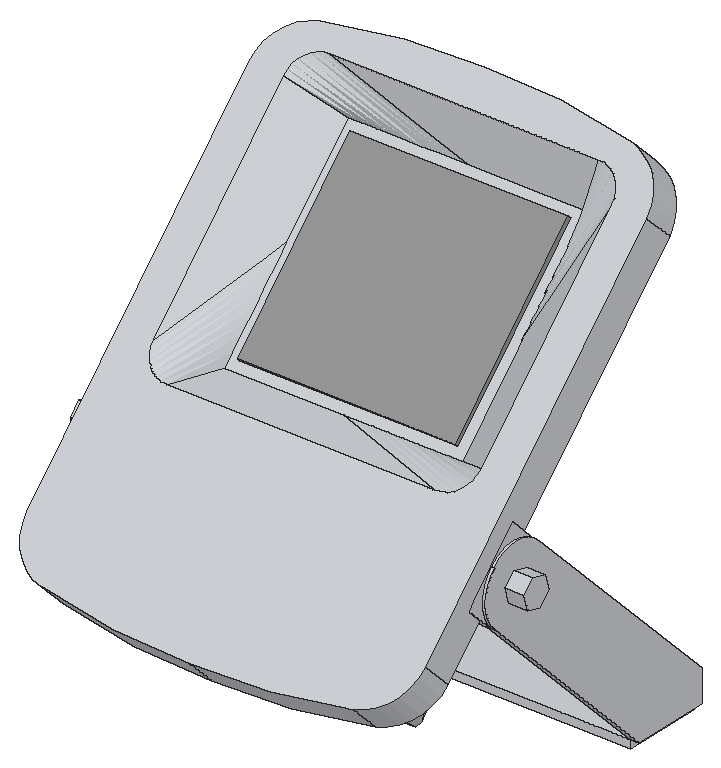
Revit family "0056710", category Generic Models, host Face, Revit 2018
Family settings
  Host = Face
  Can host rebar = No
  Round Connector Dimension = Use Diameter
  Part Type = Normal
  OmniClass Number = 23.80.70.00
  OmniClass Title = Lighting
  Cut with Voids When Loaded = No
  Shared = No
  Room Calculation Point = No
Parameters (values of type "Type Name")
  bracket length = 203 mm
  Width = 40 mm
  URL = "http://www.sylvania-lighting.com"
  Type Image = <None>
  Type Comments = "n/a"
  Material_3_SYL = none
  Model = ""
  Manufacturer = "Feilo Sylvania"
  Length = 231 mm
  Keynote = ""
  Material_2_SYL = none
  Description = ""
  Default Elevation = 1219.2 mm
  Cost = 0
  Material_1_SYL = none
  Assembly Code = ""
  Material_4_SYL = none
Reference planes
  plane 1 "Center (Front/Back)": y = 0
  plane 2: z = 0
  plane 3 "Center (Left/Right)": x = 0
  plane 4: y = 20
  plane 5: y = -20
  plane 6: x = -115.5
  plane 7: x = 115.5
  plane 8: y = 46
  plane 9: z = 200
  plane 10: through (0, -20, 4) normal (0, 0.7071, 0.7071)
  plane 11: through (0, 28.284, 12.284) normal (0, 0.7071, 0.7071)
  plane 12: z = 180
  plane 13: through (0, 7.834, 4.45) normal (0, 0.7071, 0.7071)
  plane 14: through (0, -70.356, 137.359) normal (0, -0.7071, 0.7071)
  plane 15: z = 126
  plane 16: z = 110
  plane 17: through (0, -97.716, 110) normal (0, -0.7071, 0.7071)
  plane 18: through (0, -86.18, 149.82) normal (0, -0.7071, 0.7071)
  plane 19: x = -101.5
  plane 20: x = 101.5
Forms (mm)
  Extrusion 1, solid, detail levels medium+fine
    sketch origin (0, 0, 0) x (1, 0, 0) y (0, 1, 0)
      loop
        line (-97.548, 20) -> (-97.548, -20) -> (101.491, -20) -> (101.491, 20) -> (-97.548, 20)
    from 0 to 4
  Extrusion 2, solid, detail levels medium+fine
    sketch origin (25.482, 1524, 1219.2) x (0, 1, 0) y (0, 0, 1)
      loop
        arc (-1607.574, -1095.058) -> (-1621.716, -1089.2) -> (-1635.858, -1095.058) r 20
        arc (-1635.858, -1095.058) -> (-1641.716, -1109.2) -> (-1635.858, -1123.342) r 20
        line (-1635.858, -1123.342) -> (-1544, -1215.2) -> (-1504, -1215.2) -> (-1504, -1198.631) -> (-1607.574, -1095.058)
    from -123.03 to -126.982
  Extrusion 3, solid, detail levels fine
    sketch origin (-37.5, 1594, 1149.2) x (0, 1, 0) y (0, 0, 1)
      loop
        line (-1686.059, -1033.543) -> (-1693.786, -1031.473) -> (-1699.443, -1037.129) -> (-1697.373, -1044.857) -> (-1689.645, -1046.927) -> (-1683.988, -1041.271) -> (-1686.059, -1033.543)
    from -78 to -64
  Revolve 4, solid, detail levels medium
    sketch origin (1528.249, -97.584, 1149.178) x (1, 0, 0) y (0, 0, 1)
      loop
        line (-1426.757, -1019.2) -> (-1428.444, -1019.2) -> (-1428.444, -1039.2) -> (-1426.757, -1039.2) -> (-1426.757, -1019.2)
      axis (-1428.444, -1039.2) -> (-1426.757, -1039.2)
    angle from 44.553 to 224.921
  Extrusion 5, solid, detail levels medium+fine
    sketch origin (319, 1524, 1219.2) x (0, 1, 0) y (0, 0, 1)
      loop
        arc (-1607.574, -1095.058) -> (-1621.716, -1089.2) -> (-1635.858, -1095.058) r 20
        arc (-1635.858, -1095.058) -> (-1641.716, -1109.2) -> (-1635.858, -1123.342) r 20
        line (-1635.858, -1123.342) -> (-1544, -1215.2) -> (-1504, -1215.2) -> (-1504, -1198.631) -> (-1607.574, -1095.058)
    from -217.509 to -213.509
  Extrusion 6, solid, detail levels fine
    sketch origin (286.5, 1594, 1149.2) x (0, 1, 0) y (0, 0, 1)
      loop
        line (-1686.059, -1033.543) -> (-1693.786, -1031.473) -> (-1699.443, -1037.129) -> (-1697.373, -1044.857) -> (-1689.645, -1046.927) -> (-1683.988, -1041.271) -> (-1686.059, -1033.543)
    from -181.009 to -171
  Extrusion 7, solid, detail levels coarse
    sketch origin (0, 0, 0) x (1, 0, 0) y (0, 1, 0)
      loop
        line (-115.5, 20) -> (-115.5, -117.774) -> (115.5, -117.774) -> (115.5, 20) -> (-115.5, 20)
    from 0 to 129.969
Dimensions and locks
  "Width": plane 4 to plane 5
  equal spacing: plane 4, plane 1 "Center (Front/Back)", plane 5
  "Length": plane 6 to plane 7
  equal spacing: plane 6, plane 3 "Center (Left/Right)", plane 7
  "bracket length": plane 19 to plane 20
  equal spacing: plane 19, plane 3 "Center (Left/Right)", plane 20
  aligned and locked: plane 2 to host face
  aligned and locked: level to host face
Automatic sketch dimensions
  host sketch curve to host sketch curve = 2438.4 mm  (x2)
  Extrusion 1 sketch curve to plane 5 = 0 mm
  plane 6 to Extrusion 1 sketch curve = 17.952 mm
  Extrusion 1 sketch curve to plane 7 = 14.009 mm
  Extrusion 1 sketch curve to plane 4 = 0 mm
  Extrusion 2 sketch curve to Extrusion 2 sketch curve = 0 mm  (x2)
  Extrusion 2 sketch curve to plane 10 = 0 mm  (x2)
  Extrusion 2 sketch curve to plane 14 = 0 mm  (x2)
  Extrusion 2 sketch curve to plane 13 = 0 mm  (x2)
  Extrusion 2 sketch curve to plane 18 = 0 mm
  Extrusion 2 sketch curve to plane 5 = 0 mm
  Extrusion 2 sketch curve to plane 4 = 0 mm
  Extrusion 2 sketch curve to plane 11 = 0 mm
  Extrusion 3 sketch curve to plane 14 = 0 mm  (x2)
  plane 16 to Extrusion 3 sketch curve = 2.071 mm
  Extrusion 3 sketch curve to plane 5 = 85.443 mm
  Extrusion 3 sketch curve to plane 16 = 5.657 mm
  plane 16 to Extrusion 3 sketch curve = 7.727 mm
  Extrusion 3 sketch curve to Extrusion 3 sketch curve = 5.657 mm
  Extrusion 3 sketch curve to plane 16 = 7.727 mm
  Extrusion 3 sketch curve to Extrusion 3 sketch curve = 7.727 mm
  plane 16 to Extrusion 3 sketch curve = 5.657 mm
  Extrusion 3 sketch curve to plane 16 = 2.071 mm
  Extrusion 3 sketch curve to Extrusion 3 sketch curve = 2.071 mm
  Revolve 4 sketch curve to plane 7 = 15.696 mm
  Revolve 4 sketch curve to Revolve 4 sketch curve = 1.687 mm
  Revolve 4 sketch curve to plane 12 = 70.022 mm  (x2)
  Revolve 4 sketch curve to plane 9 = 70.022 mm
  Revolve 4 sketch curve to Revolve 4 sketch curve = 8.585 mm
  plane 7 to Revolve 4 sketch curve = 24.576 mm
  Extrusion 5 sketch curve to Extrusion 5 sketch curve = 0 mm  (x2)
  Extrusion 5 sketch curve to plane 10 = 0 mm  (x2)
  Extrusion 5 sketch curve to plane 14 = 0 mm  (x2)
  Extrusion 5 sketch curve to plane 13 = 0 mm  (x2)
  Extrusion 5 sketch curve to plane 18 = 0 mm
  Extrusion 5 sketch curve to plane 5 = 0 mm
  Extrusion 5 sketch curve to plane 4 = 0 mm
  Extrusion 5 sketch curve to plane 11 = 0 mm
  Extrusion 6 sketch curve to plane 14 = 0 mm  (x2)
  plane 16 to Extrusion 6 sketch curve = 2.071 mm
  Extrusion 6 sketch curve to plane 5 = 85.443 mm
  Extrusion 6 sketch curve to plane 16 = 5.657 mm
  plane 16 to Extrusion 6 sketch curve = 7.727 mm
  Extrusion 6 sketch curve to Extrusion 6 sketch curve = 5.657 mm
  Extrusion 6 sketch curve to plane 16 = 7.727 mm
  Extrusion 6 sketch curve to Extrusion 6 sketch curve = 7.727 mm
  plane 16 to Extrusion 6 sketch curve = 5.657 mm
  Extrusion 6 sketch curve to plane 16 = 2.071 mm
  Extrusion 6 sketch curve to Extrusion 6 sketch curve = 2.071 mm
  plane 6 to Extrusion 7 sketch curve = 0 mm
  Extrusion 7 sketch curve to plane 7 = 0 mm
  Extrusion 7 sketch curve to plane 4 = 0 mm
  Extrusion 7 sketch curve to plane 5 = 97.774 mm
Nested families
  nested 1: "56710 head" at (2.272, -61.608, 146.519) x (-1, 0, 0) z (0, -0.7126, 0.7016), type "0056710 KALANI IP66 7KLM 840 WB"
    with built-in parameter 1114216 (empty or 0)
Definition of nested family "56710 head"
  Parameters (values of type "0056710 KALANI IP66 7KLM 840 WB")
    length = 267 mm
    height = 68 mm
    Width = 203 mm
    Wattage Comments = "n/a"
    Wattage = 9.2903 W
    built-in parameter 1150110 = 1 (stored number, unit not read)
    URL = "0.95"
    Type Image = (empty or 0)
    Type Comments = "n/a"
    built-in parameter 1114217 = 1 (stored number, unit not read)
    Tilt Angle = 90.00°
    built-in parameter 1150109 = 1 (stored number, unit not read)
    built-in parameter 1150134 = 3
    built-in parameter 1150113 = 1 (stored number, unit not read)
    Photometric Web File = "0056710.IES"
    Material_3_SYL = none
    Model = "Kalani IP66 7KLM 840 WB"
    Manufacturer = ""
    built-in parameter 1150105 = 109.82 (stored number, unit not read)
    Lumens = 1380 lm
    built-in parameter 1150115 = 1 (stored number, unit not read)
    built-in parameter 1150137 = (empty or 0)
    built-in parameter 1150139 = (empty or 0)
    built-in parameter 1150112 = 1 (stored number, unit not read)
    built-in parameter 1150114 = 1 (stored number, unit not read)
    Lamp = "n/a"
    Keynote = "n/a"
    Material_2_SYL = none
    built-in parameter 1150132 = (empty or 0)
    built-in parameter 1150102 = (empty or 0)
    built-in parameter 1150107 = 3200 (stored number, unit not read)
    built-in parameter 1150138 = (empty or 0)
    built-in parameter 1150106 = 1.0982 (stored number, unit not read)
    Emit from Circle Diameter = 609.6 mm
    Emit Shape Visible in Rendering = no
    built-in parameter 1150104 = 13.8 (stored number, unit not read)
    Dimming Lamp Color Temperature Shift = (empty or 0)
    Description = "Exterior LED Floodlight, comes complete with 1000mm flying lead and adjustable bracket, aluminium housing, clear glass diffuser, IP66, IK08, Class I, 4000K, CRI80, Non-dimmable, 7800lm, 51W, 153lm/W, Symmetrical Wide beam, 100.000hrs L70B50 lifespan, 330 x 231 x 68mm (LxWxD) dimensions, 2.1kg weight, RAL9017 Traffic Black color."
    Default Elevation = 1219.2 mm
    Cost = 0
    Color Filter = 16777215
    built-in parameter 1114216 [instance] = (empty or 0)
    Material_1_SYL = none
    built-in parameter 1114218 = 1 (stored number, unit not read)
    built-in parameter 1150133 = 10 (stored number, unit not read)
    Assembly Code = "D5020200"
    Apparent Load = 51 VA
    Material_4_SYL = none
  Reference planes
    plane 1 "Center (Front/Back)": y = 0
    plane 2: z = 0
    plane 3 "Center (Left/Right)": x = 0
    plane 4: z = 30
    plane 5: x = -101.5
    plane 6: x = 101.5
    plane 7: y = 133.5
    plane 8: y = -133.5
    plane 9: y = 126.5
    plane 10: x = -79.5
    plane 11: y = 100.5
    plane 12: z = -38
    plane 13: y = 115.5
    plane 14: x = -83.5
    plane 15: x = 83.5
    plane 16: x = -68.5
    plane 17: z = -17.627
    plane 18: z = -29.097
    plane 19: x = 79.5
    plane 20: x = -32.747
    plane 21: x = 32.7
    plane 22: y = -115.5
    plane 23: x = 83.5
    plane 24: x = -83.5
    plane 25: y = 32.5
    plane 26: y = 14.5
    plane 27: x = -60.5
    plane 28: x = 60.5
    plane 29: y = -97.5
    plane 30: y = 17.5
    plane 31: y = -41.5
    plane 32: y = 9.5
    plane 33: x = -55.5
    plane 34: x = 55.5
    plane 35: y = -92.5
    plane 36: z = 20
    plane 37: y = 51.5
    plane 38: y = 71.5
    plane 39: y = 31.5
    plane 40: z = -18
  Forms (mm)
    Extrusion 1, solid
      sketch origin (4.2, 0, 0) x (1, 0, 0) y (0, 1, 0)
        loop
          line (-1219.2, 1219.2) -> (-1219.2, -1219.2) -> (1219.2, -1219.2) -> (1219.2, 1219.2) -> (-1219.2, 1219.2)
      from 0 to -68.017
    Extrusion 2, solid, detail levels medium+fine
      sketch origin (0, 0, 0) x (1, 0, 0) y (0, 1, 0)
        loop
          arc (0, 133.5) -> (-39.943, 132.193) -> (-79.5, 126.5) r 362.813
          arc (-79.5, 126.5) -> (-95.029, 117.332) -> (-101.5, 100.5) r 27.406
          line (-101.5, 100.5) -> (-101.5, -100.5)
          arc (-101.5, -100.5) -> (-95.029, -117.332) -> (-79.5, -126.5) r 27.406
          arc (-79.5, -126.5) -> (-39.943, -132.193) -> (0, -133.5) r 362.813
          arc (0, -133.5) -> (39.943, -132.193) -> (79.5, -126.5) r 362.813
          arc (79.5, -126.5) -> (95.029, -117.332) -> (101.5, -100.5) r 27.406
          line (101.5, -100.5) -> (101.5, 100.5)
          arc (101.5, 100.5) -> (95.029, 117.332) -> (79.5, 126.5) r 27.406
          arc (79.5, 126.5) -> (39.943, 132.193) -> (0, 133.5) r 362.813
      from 30 to 10
    Extrusion 3, solid
      sketch origin (0, 0, 0) x (1, 0, 0) y (0, 1, 0)
        loop
          line (-83.5, 100.5) -> (-83.5, 0.341) -> (-83.5, -99.817)
          arc (-83.5, -99.817) -> (-79.107, -110.424) -> (-68.5, -114.817) r 15
          line (-68.5, -114.817) -> (0, -114.817) -> (68.5, -114.817)
          arc (68.5, -114.817) -> (79.107, -110.424) -> (83.5, -99.817) r 15
          line (83.5, -99.817) -> (83.5, 0.341) -> (83.5, 100.5)
          arc (83.5, 100.5) -> (79.107, 111.107) -> (68.5, 115.5) r 15
          line (68.5, 115.5) -> (0, 115.5) -> (-68.5, 115.5)
          arc (-68.5, 115.5) -> (-79.107, 111.107) -> (-83.5, 100.5) r 15
      from -38 to 10
    Extrusion 4, void, detail levels medium+fine
      sketch origin (0, 0, 0) x (0, 1, 0) y (0, 0, 1)
        loop
          line (-114.817, 10) -> (-119.5, 10) -> (-119.5, -45) -> (120.5, -45) -> (120.5, 10) -> (115.5, 10) -> (115.5, -23)
          arc (115.5, -23) -> (111.107, -33.607) -> (100.5, -38) r 15
          arc (100.5, -38) -> (7.342, -26.72) -> (-84.506, -7.5) r 1094.362
          arc (-84.506, -7.5) -> (-100.87, -0.843) -> (-114.817, 10) r 64.575
      from -96.169 to 98.305
    Extrusion 5, void
      sketch origin (0, 0, 0) x (1, 0, 0) y (0, 0, 1)
        loop
          arc (-68.5, -29.076) -> (-76.864, -21.997) -> (-81.364, -12.005) r 24.817
          arc (-81.364, -12.005) -> (-83.004, -1.058) -> (-83.5, 10) r 106.706
          line (-83.5, 10) -> (-88.5, 10) -> (-88.5, -42.228) -> (-32.747, -42.228) -> (-32.747, -38)
          arc (-32.747, -38) -> (-51.151, -35.65) -> (-68.5, -29.076) r 79.063
      from -197.298 to 143.969
    Extrusion 6, void
      sketch origin (0, 0, 0) x (1, 0, 0) y (0, 0, 1)
        loop
          line (32.7, -38) -> (32.7, -42.67) -> (88.5, -42.67) -> (88.5, 10) -> (83.5, 10)
          arc (83.5, 10) -> (82.642, -3.979) -> (79.5, -17.627) r 84.98
          arc (79.5, -17.627) -> (74.94, -24.255) -> (68.5, -29.076) r 24.816
          arc (68.5, -29.076) -> (51.128, -35.656) -> (32.7, -38) r 79.067
      from -197.298 to 143.969
    Blend 7, void
      base sketch origin (0, 0, 0) x (1, 0, 0) y (0, 1, 0)
        loop
          line (-83.5, 17.5) -> (-83.5, -100.5)
          arc (-83.5, -100.5) -> (-79.107, -111.107) -> (-68.5, -115.5) r 15
          line (-68.5, -115.5) -> (68.5, -115.5)
          arc (68.5, -115.5) -> (79.107, -111.107) -> (83.5, -100.5) r 15
          line (83.5, -100.5) -> (83.5, 17.5)
          arc (83.5, 17.5) -> (79.107, 28.107) -> (68.5, 32.5) r 15
          line (68.5, 32.5) -> (-68.5, 32.5)
          arc (-68.5, 32.5) -> (-79.107, 28.107) -> (-83.5, 17.5) r 15
      top sketch origin (0, 0, 0) x (1, 0, 0) y (0, 1, 0)
        loop
          line (-60.5, 14.5) -> (-60.5, -41.5) -> (-60.5, -97.5) -> (0, -97.5) -> (60.5, -97.5) -> (60.5, -41.5) -> (60.5, 14.5) -> (0, 14.5) -> (-60.5, 14.5)
      from 30 to 10
    Extrusion 8, solid, detail levels fine
      sketch origin (0, 0, 0) x (1, 0, 0) y (0, 1, 0)
        loop
          line (-55.5, 9.5) -> (-55.5, -92.5) -> (55.5, -92.5) -> (55.5, 9.5) -> (-55.5, 9.5)
      from 10 to 12
    Extrusion 9, solid, detail levels medium+fine
      sketch origin (0, 0, 0) x (0, 1, 0) y (0, 0, 1)
        loop
          arc (31.5, 0) -> (37.824, -13.084) -> (51.5, -18) r 19.219
          arc (51.5, -18) -> (64.735, -12.595) -> (71.5, 0) r 21.131
          line (71.5, 0) -> (71.5, 20) -> (31.5, 20) -> (31.5, 0)
      from 101.5 to 97.5
    Extrusion 10, solid
      sketch origin (0, 0, 0) x (0, 1, 0) y (0, 0, 1)
        loop
          arc (43.5, 0) -> (45.843, -5.657) -> (51.5, -8) r 8
          arc (51.5, -8) -> (57.157, -5.657) -> (59.5, 0) r 8
          line (59.5, 0) -> (59.5, 20) -> (43.5, 20) -> (43.5, 0)
      from 79.5 to 97.5
    Extrusion 11, solid, detail levels medium+fine
      sketch origin (0, 0, 0) x (0, 1, 0) y (0, 0, -1)
        loop
          line (31.5, 0) -> (31.5, -20) -> (71.5, -20) -> (71.5, 0)
          arc (71.5, 0) -> (64.735, 12.595) -> (51.5, 18) r 21.131
          arc (51.5, 18) -> (37.824, 13.084) -> (31.5, 0) r 19.219
      from 101.5 to 97.5
    Extrusion 12, solid
      sketch origin (0, 0, 0) x (0, 1, 0) y (0, 0, -1)
        loop
          line (43.5, 0) -> (43.5, -20) -> (59.5, -20) -> (59.5, 0)
          arc (59.5, 0) -> (57.157, 5.657) -> (51.5, 8) r 8
          arc (51.5, 8) -> (45.843, 5.657) -> (43.5, 0) r 8
      from 79.5 to 97.5
    Extrusion 13, solid, detail levels coarse
      sketch origin (1524, -324.9, 1219.2) x (1, 0, 0) y (0, 0, 1)
        loop
          line (-1422.5, -1189.2) -> (-1625.5, -1189.2) -> (-1625.5, -1257.2) -> (-1422.5, -1257.2) -> (-1422.5, -1189.2)
      from -458.4 to -191.4
  Cuts and joins
    Extrusion 4, Extrusion 5, Extrusion 6, Blend 7 cuts Extrusion 2
    Extrusion 4, Extrusion 5, Extrusion 6 cuts Extrusion 3
  Dimensions and locks
    "Width": plane 5 to plane 6
    equal spacing: plane 5, plane 3 "Center (Left/Right)", plane 6
    "length": plane 7 to plane 8
    equal spacing: plane 7, plane 1 "Center (Front/Back)", plane 8
    "height": plane 4 to plane 12
    aligned and locked: plane 2 to Extrusion 1
    aligned and locked: level to Extrusion 1
  Automatic sketch dimensions
    Extrusion 1 sketch curve to Extrusion 1 sketch curve = 2438.4 mm  (x2)
    Extrusion 2 sketch curve to plane 5 = 0 mm
    Extrusion 2 sketch curve to plane 10 = 0 mm  (x3)
    Extrusion 2 sketch curve to plane 9 = 0 mm  (x4)
    Extrusion 2 sketch curve to plane 3 "Center (Left/Right)" = 0 mm  (x2)
    Extrusion 2 sketch curve to plane 19 = 0 mm  (x3)
    Extrusion 2 sketch curve to plane 6 = 0 mm
    Extrusion 2 sketch curve to plane 8 = 0 mm
    plane 11 to Extrusion 2 sketch curve = 0 mm
    Extrusion 2 sketch curve to plane 11 = 0 mm
    Extrusion 2 sketch curve to plane 7 = 0 mm
    plane 10 to Extrusion 2 sketch curve = 5.392 mm
    Extrusion 2 sketch curve to Extrusion 2 sketch curve = 5.392 mm  (x2)
    Extrusion 2 sketch curve to plane 3 "Center (Left/Right)" = 8.12 mm
    plane 3 "Center (Left/Right)" to Extrusion 2 sketch curve = 8.12 mm  (x2)
    Extrusion 2 sketch curve to plane 29 = 3 mm  (x2)
    Extrusion 3 sketch curve to plane 11 = 0 mm
    Extrusion 3 sketch curve to plane 14 = 0 mm
    Extrusion 3 sketch curve to plane 13 = 0 mm
    Extrusion 3 sketch curve to plane 16 = 0 mm
    Extrusion 3 sketch curve to plane 3 "Center (Left/Right)" = 0 mm  (x2)
    plane 11 to Extrusion 3 sketch curve = 0 mm
    Extrusion 3 sketch curve to plane 15 = 0 mm
    plane 22 to Extrusion 3 sketch curve = 0.683 mm
    plane 28 to Extrusion 3 sketch curve = 8 mm
    Extrusion 3 sketch curve to plane 1 "Center (Front/Back)" = 0.341 mm  (x2)
    Extrusion 4 sketch curve to plane 11 = 0 mm
    Extrusion 4 sketch curve to plane 13 = 0 mm
    Extrusion 4 sketch curve to plane 12 = 0 mm
    plane 35 to Extrusion 4 sketch curve = 23.917 mm
    plane 22 to Extrusion 4 sketch curve = 0.683 mm
    Extrusion 4 sketch curve to plane 22 = 4 mm
    Extrusion 4 sketch curve to Extrusion 4 sketch curve = 5 mm
    plane 7 to Extrusion 4 sketch curve = 51.855 mm
    Extrusion 4 sketch curve to plane 12 = 7 mm
    level to Extrusion 4 sketch curve = 10 mm  (x2)
    plane 4 to Extrusion 4 sketch curve = 25.081 mm
    plane 4 to Extrusion 4 sketch curve = 1023.067 mm
    Extrusion 5 sketch curve to plane 14 = 0 mm
    Extrusion 5 sketch curve to plane 16 = 0 mm  (x2)
    plane 20 to Extrusion 5 sketch curve = 0 mm
    Extrusion 5 sketch curve to plane 14 = 5 mm
    Extrusion 5 sketch curve to plane 33 = 1.545 mm
    Extrusion 5 sketch curve to plane 20 = 0.741 mm
    Extrusion 5 sketch curve to plane 21 = 9.496 mm
    Extrusion 5 sketch curve to plane 12 = 4.228 mm
    plane 12 to Extrusion 5 sketch curve = 0 mm
    Extrusion 5 sketch curve to level = 7.062 mm
    level to Extrusion 5 sketch curve = 9.251 mm
    level to Extrusion 5 sketch curve = 10 mm
    Extrusion 6 sketch curve to plane 21 = 0 mm
    Extrusion 6 sketch curve to plane 17 = 0 mm
    Extrusion 6 sketch curve to plane 19 = 0 mm
    Extrusion 6 sketch curve to plane 15 = 0 mm
    Extrusion 6 sketch curve to plane 21 = 0.697 mm
    Extrusion 6 sketch curve to plane 3 "Center (Left/Right)" = 1.461 mm
    plane 34 to Extrusion 6 sketch curve = 1.545 mm
    plane 15 to Extrusion 6 sketch curve = 5 mm
    Extrusion 6 sketch curve to plane 12 = 0 mm
    Extrusion 6 sketch curve to Extrusion 6 sketch curve = 4.67 mm
    Extrusion 6 sketch curve to level = 7.062 mm
    level to Extrusion 6 sketch curve = 8.198 mm
    plane 4 to Extrusion 6 sketch curve = 11.064 mm
    Blend 7 sketch curve to plane 14 = 0 mm
    Blend 7 sketch curve to plane 16 = 0 mm  (x2)
    Blend 7 sketch curve to plane 22 = 0 mm
    Blend 7 sketch curve to plane 25 = 0 mm
    plane 30 to Blend 7 sketch curve = 0 mm
    Blend 7 sketch curve to plane 15 = 0 mm
    Blend 7 sketch curve to plane 29 = 3 mm
    Blend 7 sketch curve to plane 26 = 0 mm
    Blend 7 sketch curve to plane 27 = 0 mm
    Blend 7 sketch curve to plane 3 "Center (Left/Right)" = 0 mm  (x2)
    Blend 7 sketch curve to plane 28 = 0 mm
    Blend 7 sketch curve to plane 29 = 0 mm
    Blend 7 sketch curve to plane 31 = 0 mm  (x2)
    Extrusion 8 sketch curve to plane 33 = 0 mm
    Extrusion 8 sketch curve to plane 34 = 0 mm
    Extrusion 8 sketch curve to plane 35 = 0 mm
    Extrusion 8 sketch curve to plane 32 = 0 mm
    Extrusion 9 sketch curve to level = 0 mm  (x2)
    Extrusion 9 sketch curve to plane 39 = 0 mm
    Extrusion 9 sketch curve to plane 37 = 0 mm  (x2)
    plane 36 to Extrusion 9 sketch curve = 0 mm
    Extrusion 9 sketch curve to plane 38 = 0 mm
    Extrusion 9 sketch curve to plane 40 = 0 mm
    Extrusion 9 sketch curve to plane 37 = 0.9 mm
    Extrusion 10 sketch curve to Extrusion 10 sketch curve = 0 mm  (x2)
    Extrusion 10 sketch curve to plane 36 = 0 mm
    Extrusion 10 sketch curve to level = 0 mm
    Extrusion 10 sketch curve to plane 37 = 0 mm
    Extrusion 10 sketch curve to plane 37 = 8 mm
    Extrusion 11 sketch curve to level = 0 mm  (x2)
    Extrusion 11 sketch curve to plane 39 = 0 mm
    Extrusion 11 sketch curve to plane 37 = 0 mm  (x2)
    plane 36 to Extrusion 11 sketch curve = 0 mm
    Extrusion 11 sketch curve to plane 38 = 0 mm
    Extrusion 11 sketch curve to plane 40 = 0 mm
    Extrusion 11 sketch curve to plane 37 = 0.9 mm
    Extrusion 12 sketch curve to Extrusion 12 sketch curve = 0 mm  (x2)
    plane 36 to Extrusion 12 sketch curve = 0 mm
    Extrusion 12 sketch curve to level = 0 mm
    Extrusion 12 sketch curve to plane 37 = 0 mm
    Extrusion 12 sketch curve to plane 37 = 8 mm
    Extrusion 13 sketch curve to plane 4 = 0 mm
    Extrusion 13 sketch curve to plane 5 = 0 mm
    Extrusion 13 sketch curve to plane 6 = 0 mm
    Extrusion 13 sketch curve to plane 12 = 0 mm
  Connectors
    electrical at (0, 0, 0), driven by "Apparent Load"
      settings: index 1, voltage 230 V, apparent load 51 VA, apparent load phase1 0 VA, apparent load phase2 0 VA, apparent load phase3 0 VA, power factor 0, load classification none, number of poles 1, system type 30, power factor state 1, is connector primary yes, connector utility no, sub classification motor no, connector description ""
